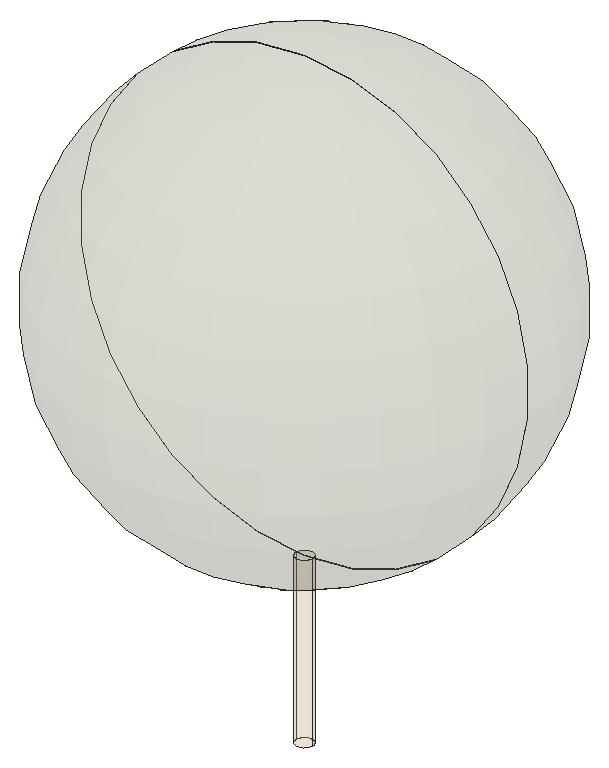
Revit family
Parameters
  Trunk Radius [instance] = 75 mm
  Trunk Diameter [instance] = Trunk Radius * 2  # 150 mm
  Height = 5500 mm
  Keynote = "Q31"
  Foliage Diameter [instance] = 4000 mm
Reference planes
  plane 1 "Center (Front/Back)": y = 0
  plane 2: z = 0
  plane 3 "Center (Left/Right)": x = 0
Forms (mm)
  Extrusion 1, solid, material "Planting - Tree Trunk"
    sketch origin (0, 0, 0) x (1, 0, 0) y (0, 1, 0)
      loop
        circle (0, 0) r 75
    from 0 to 1500
  Revolve 2, solid, material "Planting - Foliage"
    sketch origin (0, 0, 0) x (1, 0, 0) y (0, 0, 1)
      loop
        line (0, 1500) -> (0, 5500)
        arc (0, 5500) -> (-2000, 3500) -> (0, 1500) r 2000
      axis (0, 1500) -> (0, 5500)
    angle from 0 to 360
Dimensions and locks
  locked: Extrusion 1 to level at 1500
  "Foliage Diameter": Revolve 2 sketch curve to Revolve 2 sketch curve
  locked: Extrusion 1 to Revolve 2 sketch curve at 0
  "Trunk Radius": radius of Extrusion 1 sketch curve
Automatic sketch dimensions
  Extrusion 1 sketch curve to plane 1 "Center (Front/Back)" = 0 mm
  Extrusion 1 sketch curve to plane 3 "Center (Left/Right)" = 0 mm
  Revolve 2 sketch curve to plane 3 "Center (Left/Right)" = 0 mm  (x2)
  Revolve 2 sketch curve to Revolve 2 sketch curve = 250 mm
  Revolve 2 sketch curve to Revolve 2 sketch curve = 800 mm
